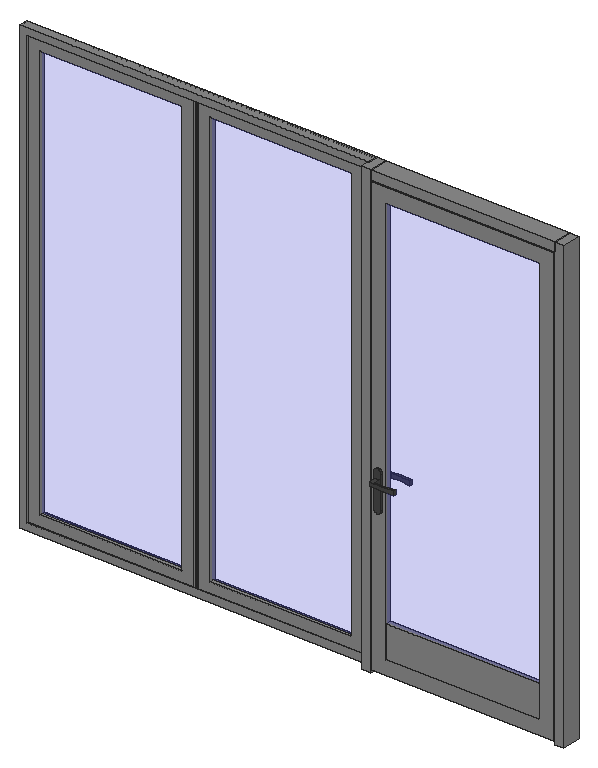
Revit family "Door_Swing Door_The Sliding Door Company_Single Door with Column & Beam_2 Fixed Panel", category Doors, host Wall, Revit 2019
Family settings
  Host = Wall
  OmniClass Number = 23.30.10.00
  OmniClass Title = Doors
  Always vertical = Yes
  Cut with Voids When Loaded = No
  Shared = No
  Room Calculation Point = No
Parameters (values of type "Single Swing Door with 2 Fixed Panel")
  URL = "https://www.slidingdoorco.com"
  Thickness = 1 1/4"  # constant formula
  SD Top Side Gap = 1/4"  # constant formula
  Swing Angle [instance] = 90.00°
  SD Stile/Rail = 3"  # constant formula
  Stile, Rail, Door Stop, Kickplate, Column & Beam Material [instance] = TSDC - Powder Coat Charcoal Gray
  Round Designer Handle Finish [instance] = TSDC - Handle Black
  Push Round Designer Handle 12" = no
  Push Lever Set = yes
  Push Kickplate = yes
  Pull Round Designer Handle 12" = no
  SD Panel Width = Width - 3/8"  # 39 5/8"
  SD Panel Height = Height - 7/8"  # 95 1/8"
  PUSH = not(PULL)  # yes
  PULL = no
  Overall System Width = SD Order Width + Column at Handle Side + Column at Hinge Side + FP Order Width  # 120"
  Overall System Height = SD Order Height + (Beam)  # 98"
  SD Opening Clearance Height = Height - 1" / 2  # 95 1/2"
  SD Opening Clearance Width = Width - 5" / 8 - 1 7/8"  # 37 1/2"
  Model = "Swing Door with Column & Beam + 2 Fixed Panel"  # constant formula
  Maximum Door Panel Width = "40 inches"  # constant formula
  Maximum Door Panel Height = "108 inches"  # constant formula
  Maximum Door Swing = "120 degress"  # constant formula
  Manufacturer = "The Sliding Door Company"  # constant formula
  Pull Lever Set = no
  Pull Kickplate = no
  Lever Handle Finish [instance] = TSDC - Handle Black
  SD Hinge Side Gap = 1/4"  # constant formula
  SD Handle Side Gap = 1/8"  # constant formula
  Glass Material [instance] = TSDC - Clear Glass
  FP Glass Limitation = "Panel Width x System Height cannot exceed 7,400 square inches"  # constant formula
  Function = Interior
  Frame Projection Ext. = 1"
  Frame Projection Int. = 1"
  Frame Width = 3"
  Height = if(SD Order Height > 108 7/8", 108 7/8", SD Order Height)  # 96"
  Wall Closure = By host
  Width = if(SD Order Width > 40 3/8", 40 3/8", SD Order Width)  # 40"
  Fire Rating = "N/A"  # constant formula
  FP Stile/Rail = 3"
  FP Panel Width = (FP Order Width - 2" - 3/32") / 2  # 36 61/64"
  FP Panel Height = FP Order Height - 1 1/2"  # 96 1/2"
  FP Order Width = Finished Opening Width - Width - Column at Handle Side - Column at Hinge Side  # 76"
  FP Order Height = Height + Beam  # 98"
  SD Order Width = 40"
  SD Order Height = 96"
  FP 3" Frame (No Support Dividers) = "Max. H=122 in. Max. W=52 in. panel width"  # constant formula
  FP 1 1/2" Frame (No Support Dividers) = "Max. H=108 in. Max. W=50 in. panel width"  # constant formula
  Finished Opening Width = 120"
  Finished Opening Height = Overall System Height  # 98"
  Description = "Swing Door with Column & Beam + 2 Fixed Panel"  # constant formula
  Contact Information = "https://www.slidingdoorco.com/contact"
  Column at Hinge Side = 2"
  ADA Opening Clearance = "Minimum of 32 inches Opening Clearance"  # constant formula
  SD Bottom Side Gap = 5/8"  # constant formula
  Column at Handle Side = 2"
  Beam = 2"
  Column & Beam Sizes = "Available Only in 2x4 & 4x4 Sizes"  # constant formula
Reference planes (in)
  plane 1 "Center (Front/Back)": y = 0
  plane 2 "Center (Left/Right)": x = 0
  plane 3 "Left": x = -20
  plane 4 "Right": x = 20
  plane 5 "Top": z = 96
  plane 6 "Exterior": y = 3
  plane 7 "Interior": y = -3
  plane 8 "hinge": x = 19.75
  plane 9 "handle": x = -19.875
  plane 10 "top side": z = 95.75
  plane 11 "bottom side": z = 0.625
  plane 12: x = -19.375
  plane 13: x = 18.125
  plane 14: y = 1.75
  plane 15: z = 36
  plane 16: z = 38
  plane 17: z = 10.625
  plane 18: x = -22
  plane 19: x = 22
  plane 20: y = -1
  plane 21: z = 98
  plane 22: x = -98
  plane 23: z = 97.25
  plane 24: z = 0.75
  plane 25: x = -97
  plane 26: x = -23
  plane 27: x = -60
  plane 28: x = -60.046875
  plane 29: x = -59.953125
  plane 30: y = 0.25
Forms (in)
  Extrusion 1, solid, material "TSDC - Powder Coat Charcoal Gray" <- "Stile, Rail, Door Stop, Kickplate, Column & Beam Material", visible <- "PULL"
    sketch origin (0, 0, 0) x (1, 0, 0) y (0, 0, 1)
      loop
        line (19.75, 95.75) -> (-19.875, 95.75) -> (-19.875, 0.625) -> (19.75, 0.625) -> (19.75, 95.75)
      loop
        line (16.75, 92.75) -> (-16.875, 92.75) -> (-16.875, 3.625) -> (16.75, 3.625) -> (16.75, 92.75)
    from -3 to -1.75
  Extrusion 2, solid, material "TSDC - Clear Glass" <- "Glass Material", visible <- "PULL"
    sketch origin (0, 0, 0) x (1, 0, 0) y (0, 0, 1)
      loop
        line (16.75, 92.75) -> (-16.875, 92.75) -> (-16.875, 3.625) -> (16.75, 3.625) -> (16.75, 92.75)
    from -2.5 to -2.2773437
  Sweep 3, solid, not visible
    path origin (0, 0, 0) x (1, 0, 0) y (0, 0, 1)
      loop
        line (-20, 0) -> (-20, 108) -> (16.125, 108) -> (16.125, 0)
    profile origin (-20, 0, 54) x (-1, 0, 0) y (0, -1, 0)
      loop
        line (-0.4350682, -0.2853449) -> (-0.3716442, -0.3219628) -> (-0.3261896, -0.2957196) -> (-0.2788586, -0.3103573) -> (0, -0.3103573) -> (0, 0.9818302) -> (-0.274122, 0.9818302) -> (-0.3244755, 0.9662578) -> (-0.3779955, 0.9923612) -> (-0.4376557, 0.9579164)
        arc (-0.4376557, 0.9579164) -> (-0.4452512, 0.9295695) -> (-0.4169043, 0.921974) r 0.0207514
        line (-0.4169043, 0.921974) -> (-0.3760036, 0.945588) -> (-0.3150881, 0.9104184) -> (-0.2694227, 0.9367833) -> (-0.079, 0.9367833) -> (-0.079, -0.2672636) -> (-0.2694227, -0.2672636) -> (-0.3150881, -0.2408986) -> (-0.3750271, -0.2755044) -> (-0.4157969, -0.2519659)
        arc (-0.4157969, -0.2519659) -> (-0.442122, -0.2590197) -> (-0.4350682, -0.2853449) r 0.0192714
      loop
        arc (-0.3932442, -0.6690036) -> (-0.2465, -0.7110937) -> (-0.0997558, -0.6690036) r 0.2768517
        line (-0.0997558, -0.6690036) -> (-0.0917465, -0.5659293) -> (-0.2465, -0.5190055) -> (-0.4012535, -0.5659293) -> (-0.3932442, -0.6690036)
      loop
        line (-0.3245894, 0.9760109) -> (-0.2695482, 0.9955489) -> (0, 0.9955489) -> (0, 1.0467364) -> (-0.512, 1.0467364) -> (-0.512, -0.4532636) -> (-0.325, -0.4532636) -> (-0.325, -0.4181698) -> (-0.394, -0.4181698) -> (-0.394, -0.3694042) -> (-0.099, -0.3694042) -> (-0.099, -0.4181698) -> (-0.168, -0.4181698) -> (-0.168, -0.4532636) -> (0, -0.4532636) -> (0, -0.3182167) -> (-0.2819282, -0.3182167) -> (-0.3251091, -0.3048624) -> (-0.3657274, -0.3302167) -> (-0.457, -0.3302167) -> (-0.457, 1.0016896) -> (-0.3657275, 1.0016896) -> (-0.3245894, 0.9760109)
      loop
        line (-0.0665, -0.6928078) -> (-0.0546726, -0.5405971) -> (-0.1979034, -0.4971673) -> (-0.1979034, -0.411631) -> (-0.1274176, -0.411631) -> (-0.1274176, -0.3790309) -> (-0.3655824, -0.3790309) -> (-0.3655824, -0.411631) -> (-0.2950966, -0.411631) -> (-0.2950966, -0.4971673) -> (-0.4383274, -0.5405971) -> (-0.4265, -0.6928078)
        arc (-0.4265, -0.6928078) -> (-0.3630851, -0.7351291) -> (-0.2883072, -0.7499888) r 0.1955799
        line (-0.2883072, -0.7499888) -> (-0.2047666, -0.7499888)
        arc (-0.2047666, -0.7499888) -> (-0.1299546, -0.7351296) -> (-0.0665, -0.6928078) r 0.1957584
  Sweep 4, solid, not visible
    path origin (2, 0, 0) x (1, 0, 0) y (0, 0, 1)
      loop
        line (-20, 0) -> (-20, 96) -> (16, 96) -> (16, 0)
    profile origin (-18, 0, 48) x (-1, 0, 0) y (0, -1, 0)
      loop
        line (-0.4350682, -0.2853449) -> (-0.3716442, -0.3219628) -> (-0.3261896, -0.2957196) -> (-0.2788586, -0.3103573) -> (0, -0.3103573) -> (0, 0.9818302) -> (-0.274122, 0.9818302) -> (-0.3244755, 0.9662578) -> (-0.3779955, 0.9923612) -> (-0.4376557, 0.9579164)
        arc (-0.4376557, 0.9579164) -> (-0.4452512, 0.9295695) -> (-0.4169043, 0.921974) r 0.0207514
        line (-0.4169043, 0.921974) -> (-0.3760036, 0.945588) -> (-0.3150881, 0.9104184) -> (-0.2694227, 0.9367833) -> (-0.079, 0.9367833) -> (-0.079, -0.2672636) -> (-0.2694227, -0.2672636) -> (-0.3150881, -0.2408986) -> (-0.3750271, -0.2755044) -> (-0.4157969, -0.2519659)
        arc (-0.4157969, -0.2519659) -> (-0.442122, -0.2590197) -> (-0.4350682, -0.2853449) r 0.0192714
      loop
        arc (-0.3932442, -0.6690036) -> (-0.2465, -0.7110937) -> (-0.0997558, -0.6690036) r 0.2768517
        line (-0.0997558, -0.6690036) -> (-0.0917465, -0.5659293) -> (-0.2465, -0.5190055) -> (-0.4012535, -0.5659293) -> (-0.3932442, -0.6690036)
      loop
        line (-0.3245894, 0.9760109) -> (-0.2695482, 0.9955489) -> (0, 0.9955489) -> (0, 1.0467364) -> (-0.512, 1.0467364) -> (-0.512, -0.4532636) -> (-0.325, -0.4532636) -> (-0.325, -0.4181698) -> (-0.394, -0.4181698) -> (-0.394, -0.3694042) -> (-0.099, -0.3694042) -> (-0.099, -0.4181698) -> (-0.168, -0.4181698) -> (-0.168, -0.4532636) -> (0, -0.4532636) -> (0, -0.3182167) -> (-0.2819282, -0.3182167) -> (-0.3251091, -0.3048624) -> (-0.3657274, -0.3302167) -> (-0.457, -0.3302167) -> (-0.457, 1.0016896) -> (-0.3657275, 1.0016896) -> (-0.3245894, 0.9760109)
      loop
        line (-0.0665, -0.6928078) -> (-0.0546726, -0.5405971) -> (-0.1979034, -0.4971673) -> (-0.1979034, -0.411631) -> (-0.1274176, -0.411631) -> (-0.1274176, -0.3790309) -> (-0.3655824, -0.3790309) -> (-0.3655824, -0.411631) -> (-0.2950966, -0.411631) -> (-0.2950966, -0.4971673) -> (-0.4383274, -0.5405971) -> (-0.4265, -0.6928078)
        arc (-0.4265, -0.6928078) -> (-0.3630851, -0.7351291) -> (-0.2883072, -0.7499888) r 0.1955799
        line (-0.2883072, -0.7499888) -> (-0.2047666, -0.7499888)
        arc (-0.2047666, -0.7499888) -> (-0.1299546, -0.7351296) -> (-0.0665, -0.6928078) r 0.1957584
  Extrusion 5, solid, material "TSDC - Powder Coat Charcoal Gray" <- "Stile, Rail, Door Stop, Kickplate, Column & Beam Material", visible <- "PULL"
    sketch origin (0, 0, 0) x (1, 0, 0) y (0, 0, 1)
      loop
        line (-20, 96) -> (-20, 0) -> (-19.5, 0) -> (-19.5, 95.5) -> (19.5, 95.5) -> (19.5, 0) -> (20, 0) -> (20, 96) -> (-20, 96)
    from -1.75 to 0
  Extrusion 6, solid, not visible
    sketch origin (0, -1.25, 0) x (1, 0, 0) y (0, 1, 0)
      loop
        line (-18.6875, 2.625) -> (-18.6875, 0.8125)
        arc (-18.6875, 0.8125) -> (-18.375, 1.125) -> (-18.0625, 0.8125) r 0.3125
        line (-18.0625, 0.8125) -> (-18.0625, 2.625) -> (-18.6875, 2.625)
    from 1 to 1.75
  Extrusion 7, solid, not visible
    sketch origin (0, -1.25, 0) x (1, 0, 0) y (0, 1, 0)
      loop
        line (-18.6875, 2.625) -> (-18.6875, 0.8125)
        arc (-18.6875, 0.8125) -> (-18.375, 1.125) -> (-18.0625, 0.8125) r 0.3125
        line (-18.0625, 0.8125) -> (-18.0625, 2.625) -> (-18.6875, 2.625)
    from 10.25 to 11
  Extrusion 8, solid, not visible
    sketch origin (0, 0.0841657, 0) x (1, 0, 0) y (0, 1, 0)
      loop
        circle (-18.3735619, -0.521669) r 0.3125
    from 0 to 12
  Extrusion 9, solid, material "TSDC - Powder Coat Charcoal Gray" <- "Stile, Rail, Door Stop, Kickplate, Column & Beam Material", visible <- "Pull Kickplate"
    sketch origin (0, 0, 0) x (1, 0, 0) y (0, 1, 0)
      loop
        line (-16.875, 2.875) -> (-16.875, 1.875) -> (16.75, 1.875) -> (16.75, 2.875) -> (-16.875, 2.875)
    from 3.625 to 10.625
  Extrusion 10, solid, material "TSDC - Powder Coat Charcoal Gray" <- "Stile, Rail, Door Stop, Kickplate, Column & Beam Material"
    sketch origin (0, 0, 0) x (1, 0, 0) y (0, 1, 0)
      loop
        line (-20, 3) -> (-22, 3) -> (-22, -1) -> (-20, -1) -> (-20, 3)
    from 0 to 98
  Extrusion 11, solid, material "TSDC - Powder Coat Charcoal Gray" <- "Stile, Rail, Door Stop, Kickplate, Column & Beam Material"
    sketch origin (0, 0, 0) x (1, 0, 0) y (0, 1, 0)
      loop
        line (22, 3) -> (20, 3) -> (20, -1) -> (22, -1) -> (22, 3)
    from 0 to 98
  Extrusion 12, solid, material "TSDC - Powder Coat Charcoal Gray" <- "Stile, Rail, Door Stop, Kickplate, Column & Beam Material"
    sketch origin (0, 0, 0) x (1, 0, 0) y (0, 0, 1)
      loop
        line (20, 98) -> (-20, 98) -> (-20, 96) -> (20, 96) -> (20, 98)
    from -3 to 1
  Sweep 13, solid, material "TSDC - Powder Coat Charcoal Gray" <- "Stile, Rail, Door Stop, Kickplate, Column & Beam Material"
    path origin (0, 0, 0) x (1, 0, 0) y (0, 0, 1)
      loop
        line (-98, 0) -> (-22, 0) -> (-22, 98) -> (-98, 98) -> (-98, 0)
    profile origin (-98, 0, 49) x (-1, 0, 0) y (0, -1, 0)
      loop
        line (0, -3) -> (0, -1.0248) -> (-1.5, -1.0248) -> (-1.5, -1.3607375) -> (-0.0625, -1.3607375) -> (-0.0625, -2.6888625) -> (-1.5, -2.6888625) -> (-1.5, -3) -> (0, -3)
  Extrusion 14, solid, material "TSDC - Powder Coat Charcoal Gray" <- "Stile, Rail, Door Stop, Kickplate, Column & Beam Material"
    sketch origin (0, 0, 0) x (1, 0, 0) y (0, 0, 1)
      loop
        line (-97, 97.25) -> (-97, 0.75) -> (-60.046875, 0.75) -> (-60.046875, 97.25) -> (-97, 97.25)
      loop
        line (-94, 94.25) -> (-94, 3.75) -> (-63.046875, 3.75) -> (-63.046875, 94.25) -> (-94, 94.25)
    from -2.6498 to -1.3998
  Extrusion 15, solid, material "TSDC - Clear Glass" <- "Glass Material"
    sketch origin (0, 0, 0) x (1, 0, 0) y (0, 0, 1)
      loop
        line (-94, 94.25) -> (-94, 3.75) -> (-63.046875, 3.75) -> (-63.046875, 94.25) -> (-94, 94.25)
    from -2.1498 to -1.8998
  Extrusion 16, solid, material "TSDC - Powder Coat Charcoal Gray" <- "Stile, Rail, Door Stop, Kickplate, Column & Beam Material"
    sketch origin (0, 0, 0) x (1, 0, 0) y (0, 0, 1)
      loop
        line (-59.953125, 97.25) -> (-59.953125, 0.75) -> (-23, 0.75) -> (-23, 97.25) -> (-59.953125, 97.25)
      loop
        line (-56.953125, 94.25) -> (-56.953125, 3.75) -> (-26, 3.75) -> (-26, 94.25) -> (-56.953125, 94.25)
    from -2.6498 to -1.3998
  Extrusion 17, solid, material "TSDC - Clear Glass" <- "Glass Material"
    sketch origin (0, 0, 0) x (1, 0, 0) y (0, 0, 1)
      loop
        line (-56.953125, 94.25) -> (-56.953125, 3.75) -> (-26, 3.75) -> (-26, 94.25) -> (-56.953125, 94.25)
    from -2.1498 to -1.8998
  Extrusion 18, solid, material "TSDC - Powder Coat Charcoal Gray" <- "Stile, Rail, Door Stop, Kickplate, Column & Beam Material"
    sketch origin (0, 0, 0) x (1, 0, 0) y (0, 1, 0)
      loop
        line (-60.4375, 2.6888625) -> (-60.4375, 2.6498) -> (-60.046875, 2.6498) -> (-60.046875, 1.3998) -> (-60.4375, 1.3998) -> (-60.4375, 1.3607375) -> (-59.5625, 1.3607375) -> (-59.5625, 1.3998) -> (-59.953125, 1.3998) -> (-59.953125, 2.6498) -> (-59.5625, 2.6498) -> (-59.5625, 2.6888625) -> (-60.4375, 2.6888625)
    from 1.5 to 96.5
  Extrusion 19, solid, material "TSDC - Powder Coat Charcoal Gray" <- "Stile, Rail, Door Stop, Kickplate, Column & Beam Material", visible <- "PUSH"
    sketch origin (0, 0, 0) x (1, 0, 0) y (0, 0, 1)
      loop
        line (-19.875, 95.75) -> (-19.875, 0.625) -> (19.75, 0.625) -> (19.75, 95.75) -> (-19.875, 95.75)
      loop
        line (-16.875, 92.75) -> (-16.875, 3.625) -> (16.75, 3.625) -> (16.75, 92.75) -> (-16.875, 92.75)
    from -0.25 to 1
  Extrusion 20, solid, material "TSDC - Clear Glass" <- "Glass Material", visible <- "PUSH"
    sketch origin (0, 0, 0) x (1, 0, 0) y (0, 0, 1)
      loop
        line (-16.875, 92.75) -> (-16.875, 3.625) -> (16.75, 3.625) -> (16.75, 92.75) -> (-16.875, 92.75)
    from 0.25 to 0.5
  Extrusion 21, solid, material "TSDC - Powder Coat Charcoal Gray" <- "Stile, Rail, Door Stop, Kickplate, Column & Beam Material", visible <- "PUSH"
    sketch origin (0, 0, 0) x (1, 0, 0) y (0, 0, 1)
      loop
        line (-20, 96) -> (-20, 0) -> (-19.5, 0) -> (-19.5, 95.5) -> (19.5, 95.5) -> (19.5, 0) -> (20, 0) -> (20, 96) -> (-20, 96)
    from -2 to -0.25
  Extrusion 22, solid, material "TSDC - Powder Coat Charcoal Gray" <- "Stile, Rail, Door Stop, Kickplate, Column & Beam Material", visible <- "Push Kickplate"
    sketch origin (0, -2.75, 0) x (1, 0, 0) y (0, 1, 0)
      loop
        line (-16.875, 2.875) -> (-16.875, 1.875) -> (16.75, 1.875) -> (16.75, 2.875) -> (-16.875, 2.875)
    from 3.625 to 10.625
Lines and regions (in)
  Opening 1
    outline origin (-90, -3, 0) x (1, 0, 0) y (0, 0, 1)
      loop
        line (-8, 0) -> (112, 0) -> (112, 98) -> (-8, 98) -> (-8, 0)
  symbolic lines, style "Elevation Swing"
    curve 1: line (-19.875, 0, 95.75) -> (19.75, 0, 48)
    curve 2: line (19.75, 0, 48) -> (-19.875, 0, 0.625)
Text (in)
  text "Exterior" at (-108.9673292, 27.3110449, 0), in view "Ref. Level"
  text "Interior" at (-108.9673292, -25.1436555, 0), in view "Ref. Level"
  text "Exterior" at (0, 40.1514891, 123.0158834), in view "Right"
  text "Interior" at (0, -64.3913889, 123.0158834), in view "Right"
  text "Interior" at (0, -31.0159946, 123.0069277), in view "Left"
  text "Exterior" at (0, 54.5706505, 123.0069277), in view "Left"
Dimensions and locks (in)
  equal spacing: plane 3 "Left", plane 2 "Center (Left/Right)", plane 4 "Right"
  "SD Hinge Side Gap": plane 8 "hinge" to plane 4 "Right"
  "SD Handle Side Gap": plane 3 "Left" to plane 9 "handle"
  "SD Top Side Gap": plane 10 "top side" to plane 5 "Top"
  "SD Bottom Side Gap": level to plane 11 "bottom side"
  "SD Stile/Rail": Extrusion 1 to Extrusion 1  (x4)
  "Height": level to plane 5 "Top"
  locked: Extrusion 1 to Extrusion 1 at 1.25
  "Width": plane 3 "Left" to plane 4 "Right"
  locked: plane 3 "Left" to plane 12 at 0.625
  locked: plane 13 to plane 4 "Right" at 1.875
  locked: plane 14 to plane 6 "Exterior" at 1.25
  Extrusion 5 sketch curve to Extrusion 5 sketch curve = 1/2"  (x3)
  locked: Extrusion 5 to plane 14 at 1.75
  locked: Extrusion 1 to Extrusion 2 at 0.5
  locked: Extrusion 1 to Extrusion 2 at 0.5273438
  equal spacing: level, curve 2, plane 5 "Top"
  locked: Extrusion 1 to nested 2 at 1.5
  locked: Extrusion 1 to nested 3 at 1.5
  locked: plane 15 to level at 36
  locked: Extrusion 1 to nested 6 at 1.5
  locked: Extrusion 1 to nested 7 at 1.5
  locked: plane 16 to level at 38
  locked: plane 17 to plane 11 "bottom side" at 10
  "Column at Handle Side": plane 18 to plane 3 "Left"
  "Column at Hinge Side": plane 4 "Right" to plane 19
  "Beam": plane 5 "Top" to plane 21
  locked: plane 20 to plane 6 "Exterior" at 4
  locked: Sweep 13 to Sweep 13 at 1.9752
  locked: Sweep 13 to Sweep 13 at 1.328125
  "FP Order Height": level to Sweep 13
  locked: plane 22 to plane 25 at 1
  locked: plane 26 to plane 18 at 1
  locked: plane 23 to plane 21 at 0.75
  "Finished Opening Width": plane 22 to plane 19
  equal spacing: plane 22, plane 27, plane 18
  locked: Sweep 13 to Extrusion 14 sketch curve at 0.75
  locked: Extrusion 14 sketch curve to Sweep 13 at 0.75
  "FP Stile/Rail": Extrusion 14 to plane 25
  "FP Stile/Rail": Extrusion 14 to plane 28
  "FP Stile/Rail": plane 23 to Extrusion 14
  "FP Stile/Rail": Extrusion 14 to plane 24
  locked: Extrusion 14 to Extrusion 15 at 0.5  (x2)
  "FP Stile/Rail": Extrusion 16 to plane 29
  "FP Stile/Rail": Extrusion 16 to plane 26
  "FP Stile/Rail": plane 23 to Extrusion 16
  "FP Stile/Rail": Extrusion 16 to plane 24
  locked: Extrusion 16 to Extrusion 17 at 0.5  (x2)
  locked: plane 28 to plane 27 at 0.046875
  locked: plane 27 to plane 29 at 0.046875
  locked: Sweep 13 to Extrusion 14 at 0.3502
  locked: Sweep 13 to Extrusion 14 at 0.375
  locked: Sweep 13 to Extrusion 16 at 0.3502
  locked: Sweep 13 to Extrusion 16 at 0.375
  locked: plane 30 to plane 20 at 1.25
  locked: Extrusion 19 to Extrusion 19 at 1.25
  locked: Extrusion 19 to Extrusion 20 at 0.5  (x2)
  locked: Extrusion 5 to Extrusion 21 sketch curve at 0.5  (x2)
  locked: Extrusion 12 to Extrusion 21 sketch curve at 0.5
  locked: Extrusion 21 to Extrusion 21 at 1.75
  locked: Extrusion 19 to nested 9 at 1.5
  locked: Extrusion 19 to nested 10 at 1.5
  locked: Extrusion 19 to nested 12 at 1.5
  locked: Extrusion 19 to nested 11 at 1.5
  locked: Extrusion 19 to Extrusion 22 at 0.125  (x2)
  aligned and locked: Opening 1 sketch curve to level
  aligned and locked: plane 6 "Exterior" to host wall
  aligned and locked: host wall to plane 7 "Interior"
  aligned and locked: Extrusion 1 sketch curve to plane 10 "top side"
  aligned and locked: plane 8 "hinge" to Extrusion 1 sketch curve
  aligned and locked: plane 11 "bottom side" to Extrusion 1 sketch curve
  aligned and locked: Extrusion 1 sketch curve to plane 9 "handle"
  aligned and locked: Extrusion 2 sketch curve to Extrusion 1  (x4)
  aligned and locked: Extrusion 1 to Extrusion 2  (x2)
  aligned and locked: Extrusion 5 sketch curve to plane 3 "Left"
  aligned and locked: plane 4 "Right" to Extrusion 5 sketch curve
  aligned and locked: plane 5 "Top" to Extrusion 5 sketch curve
  aligned and locked: Extrusion 5 sketch curve to level  (x2)
  aligned and locked: Extrusion 5 to Extrusion 1
  aligned and locked: plane 8 "hinge" to nested 1
  aligned and locked: plane 17 to Extrusion 9
  aligned and locked: Extrusion 9 to Extrusion 1  (x3)
  aligned and locked: Extrusion 1 to plane 6 "Exterior"
  aligned and locked: plane 14 to nested 1
  aligned and locked: plane 6 "Exterior" to nested 7
  aligned and locked: plane 14 to nested 6
  aligned and locked: nested 2 to plane 14
  aligned and locked: Opening 1 sketch curve to plane 21
  aligned and locked: plane 19 to Opening 1 sketch curve
  aligned and locked: host wall to Extrusion 10 sketch curve
  aligned and locked: Extrusion 10 sketch curve to plane 3 "Left"
  aligned and locked: Extrusion 10 sketch curve to plane 20
  aligned and locked: Extrusion 10 sketch curve to plane 18
  aligned and locked: host wall to Extrusion 11 sketch curve  (x2)
  aligned and locked: Extrusion 11 sketch curve to plane 20
  aligned and locked: plane 4 "Right" to Extrusion 11 sketch curve
  aligned and locked: host wall to Extrusion 10
  aligned and locked: host wall to Extrusion 11
  aligned and locked: Extrusion 11 to Extrusion 12 sketch curve
  aligned and locked: Extrusion 12 sketch curve to Extrusion 11
  aligned and locked: Extrusion 12 sketch curve to Extrusion 5  (x2)
  aligned and locked: host wall to Extrusion 12
  aligned and locked: Extrusion 12 to plane 20
  aligned and locked: Opening 1 sketch curve to plane 22
  aligned and locked: Sweep 13 to plane 6 "Exterior"
  aligned and locked: Sweep 13 to plane 21
  aligned and locked: Sweep 13 to level
  aligned and locked: Extrusion 1 to nested 3
  aligned and locked: Extrusion 14 sketch curve to plane 25
  aligned and locked: Extrusion 15 sketch curve to Extrusion 14  (x4)
  aligned and locked: plane 24 to Extrusion 16 sketch curve
  aligned and locked: Extrusion 16 sketch curve to plane 23
  aligned and locked: plane 26 to Extrusion 16 sketch curve
  aligned and locked: Extrusion 17 sketch curve to Extrusion 16  (x4)
  aligned and locked: Extrusion 16 sketch curve to plane 29
  aligned and locked: Sweep 13 to Extrusion 18 sketch curve
  aligned and locked: plane 29 to Extrusion 18 sketch curve
  aligned and locked: plane 28 to Extrusion 18 sketch curve
  aligned and locked: Extrusion 18 sketch curve to Sweep 13
  aligned and locked: Extrusion 18 to Sweep 13  (x2)
  aligned and locked: plane 10 "top side" to Extrusion 19 sketch curve
  aligned and locked: plane 9 "handle" to Extrusion 19 sketch curve
  aligned and locked: Extrusion 19 sketch curve to plane 11 "bottom side"
  aligned and locked: Extrusion 19 sketch curve to plane 8 "hinge"
  aligned and locked: plane 30 to Extrusion 19
  aligned and locked: Extrusion 19 to plane 20
  aligned and locked: Extrusion 20 sketch curve to Extrusion 1  (x4)
  aligned and locked: plane 4 "Right" to Extrusion 21 sketch curve
  aligned and locked: plane 5 "Top" to Extrusion 21 sketch curve
  aligned and locked: plane 3 "Left" to Extrusion 21 sketch curve
  aligned and locked: Extrusion 21 to plane 30
  aligned and locked: nested 8 to plane 30
  aligned and locked: nested 8 to plane 8 "hinge"
  aligned and locked: plane 30 to nested 8
  aligned and locked: plane 30 to nested 10
  aligned and locked: plane 20 to nested 9
  aligned and locked: plane 30 to nested 12
  aligned and locked: plane 20 to nested 11
  aligned and locked: Extrusion 22 to Extrusion 1
  aligned and locked: Extrusion 1 to Extrusion 22
Automatic sketch dimensions
  Sweep 3 sketch curve to profile plane = 0"  (x3)
  profile plane to Sweep 3 sketch curve = 7/128"
  profile plane to Sweep 3 sketch curve = 0.0665"
  profile plane to Sweep 3 sketch curve = 0.079"
  Sweep 3 sketch curve to Sweep 3 sketch curve = 0.03707"  (x2)
  profile plane to Sweep 3 sketch curve = 0.099"
  Sweep 3 sketch curve to Sweep 3 sketch curve = 0.03326"  (x2)
  Sweep 3 sketch curve to Sweep 3 sketch curve = 0.02842"  (x2)
  Sweep 3 sketch curve to Sweep 3 sketch curve = 0.04058"  (x2)
  Sweep 3 sketch curve to Sweep 3 sketch curve = 0.0299"  (x2)
  Sweep 3 sketch curve to Sweep 3 sketch curve = 0.0486"  (x3)
  Sweep 3 sketch curve to Sweep 3 sketch curve = 0.07152"
  Sweep 3 sketch curve to Sweep 3 sketch curve = 0.19042"
  Sweep 3 sketch curve to Sweep 3 sketch curve = 0.00013"
  Sweep 3 sketch curve to Sweep 3 sketch curve = 0.00457"
  Sweep 3 sketch curve to Sweep 3 sketch curve = 0.00944"
  Sweep 3 sketch curve to Sweep 3 sketch curve = 0.00307"
  Sweep 3 sketch curve to Sweep 3 sketch curve = 0.04181"
  Sweep 3 sketch curve to Sweep 3 sketch curve = 0.04567"  (x2)
  Sweep 3 sketch curve to Sweep 3 sketch curve = 0.05035"
  Sweep 3 sketch curve to Sweep 3 sketch curve = 0.00011"
  Sweep 3 sketch curve to Sweep 3 sketch curve = 0.04318"
  Sweep 3 sketch curve to Sweep 3 sketch curve = 0.00108"
  Sweep 3 sketch curve to Sweep 3 sketch curve = 0.04062"
  Sweep 3 sketch curve to Sweep 3 sketch curve = 0.04114"
  Sweep 3 sketch curve to Sweep 3 sketch curve = 0.00592"
  Sweep 3 sketch curve to Sweep 3 sketch curve = 0.00338"
  Sweep 3 sketch curve to Sweep 3 sketch curve = 0.05153"
  Sweep 3 sketch curve to Sweep 3 sketch curve = 0.01227"
  Sweep 3 sketch curve to Sweep 3 sketch curve = 0.10494"
  Sweep 3 sketch curve to Sweep 3 sketch curve = 0.00801"
  Sweep 3 sketch curve to Sweep 3 sketch curve = 0.04077"
  Sweep 3 sketch curve to Sweep 3 sketch curve = 0.0409"
  Sweep 3 sketch curve to Sweep 3 sketch curve = 0.00964"  (x2)
  Sweep 3 sketch curve to Sweep 3 sketch curve = 0.01038"  (x2)
  Sweep 3 sketch curve to Sweep 3 sketch curve = 0.02193"
  Sweep 3 sketch curve to Sweep 3 sketch curve = 0.07367"
  Sweep 3 sketch curve to Sweep 3 sketch curve = 1.16238"
  Sweep 3 sketch curve to Sweep 3 sketch curve = 0.0153"
  Sweep 3 sketch curve to Sweep 3 sketch curve = 0.01669"
  Sweep 3 sketch curve to Sweep 3 sketch curve = 0.02354"
  Sweep 3 sketch curve to Sweep 3 sketch curve = 0.02022"
  Sweep 3 sketch curve to Sweep 3 sketch curve = 0.00914"
  Sweep 3 sketch curve to Sweep 3 sketch curve = 0.04309"
  Sweep 3 sketch curve to Sweep 3 sketch curve = 0.00786"
  Sweep 3 sketch curve to Sweep 3 sketch curve = 0.04646"
  Sweep 3 sketch curve to Sweep 3 sketch curve = 0.04487"
  Sweep 3 sketch curve to Sweep 3 sketch curve = 0.10214"
  Sweep 3 sketch curve to Sweep 3 sketch curve = 0.00963"
  Sweep 3 sketch curve to Sweep 3 sketch curve = 0.0326"  (x2)
  Sweep 3 sketch curve to Sweep 3 sketch curve = 0.00654"  (x2)
  Sweep 3 sketch curve to Sweep 3 sketch curve = 0.02261"
  Sweep 3 sketch curve to Sweep 3 sketch curve = 0.03509"  (x2)
  Sweep 3 sketch curve to Sweep 3 sketch curve = 0.0439"  (x2)
  Sweep 3 sketch curve to Sweep 3 sketch curve = 0.02184"
  Sweep 3 sketch curve to Sweep 3 sketch curve = 0.08733"  (x2)
  Sweep 3 sketch curve to Sweep 3 sketch curve = 0.03522"
  Sweep 3 sketch curve to Sweep 3 sketch curve = 0.0354"
  Sweep 3 sketch curve to Sweep 3 sketch curve = 0.02533"  (x2)
  Sweep 3 sketch curve to Sweep 3 sketch curve = 0.10307"
  Sweep 3 sketch curve to Sweep 3 sketch curve = 0.0238"  (x2)
  Sweep 3 sketch curve to Sweep 3 sketch curve = 0.02636"  (x2)
  Sweep 3 sketch curve to profile plane = 3/4"
  profile plane to Sweep 3 sketch curve = 0.92197"
  Sweep 3 sketch curve to Sweep 3 sketch curve = 0.01797"
  Sweep 3 sketch curve to Sweep 3 sketch curve = 0.02361"
  profile plane to Sweep 3 sketch curve = 0.96626"
  Sweep 3 sketch curve to Sweep 3 sketch curve = 0.00975"
  profile plane to Sweep 3 sketch curve = 0.98183"
  profile plane to Sweep 3 sketch curve = 0.99236"
  profile plane to Sweep 3 sketch curve = 0.99555"
  profile plane to Sweep 3 sketch curve = 1.00169"
  profile plane to Sweep 3 sketch curve = 1.04674"
  Sweep 3 sketch curve to Sweep 3 sketch curve = 36 1/8"
  Sweep 3 sketch curve to Sweep 3 sketch curve = 108"
  Sweep 3 sketch curve to Sweep 3 sketch curve = 0"
  Sweep 4 sketch curve to profile plane = 0"  (x3)
  profile plane to Sweep 4 sketch curve = 7/128"
  profile plane to Sweep 4 sketch curve = 0.0665"
  profile plane to Sweep 4 sketch curve = 0.079"
  Sweep 4 sketch curve to Sweep 4 sketch curve = 0.03707"  (x2)
  profile plane to Sweep 4 sketch curve = 0.099"
  Sweep 4 sketch curve to Sweep 4 sketch curve = 0.03326"  (x2)
  Sweep 4 sketch curve to Sweep 4 sketch curve = 0.02842"  (x2)
  Sweep 4 sketch curve to Sweep 4 sketch curve = 0.04058"  (x2)
  Sweep 4 sketch curve to Sweep 4 sketch curve = 0.0299"  (x2)
  Sweep 4 sketch curve to Sweep 4 sketch curve = 0.0486"  (x3)
  Sweep 4 sketch curve to Sweep 4 sketch curve = 0.07152"
  Sweep 4 sketch curve to Sweep 4 sketch curve = 0.19042"
  Sweep 4 sketch curve to Sweep 4 sketch curve = 0.00013"
  Sweep 4 sketch curve to Sweep 4 sketch curve = 0.00457"
  Sweep 4 sketch curve to Sweep 4 sketch curve = 0.00944"
  Sweep 4 sketch curve to Sweep 4 sketch curve = 0.00307"
  Sweep 4 sketch curve to Sweep 4 sketch curve = 0.04181"
  Sweep 4 sketch curve to Sweep 4 sketch curve = 0.04567"  (x2)
  Sweep 4 sketch curve to Sweep 4 sketch curve = 0.05035"
  Sweep 4 sketch curve to Sweep 4 sketch curve = 0.00011"
  Sweep 4 sketch curve to Sweep 4 sketch curve = 0.04318"
  Sweep 4 sketch curve to Sweep 4 sketch curve = 0.00108"
  Sweep 4 sketch curve to Sweep 4 sketch curve = 0.04062"
  Sweep 4 sketch curve to Sweep 4 sketch curve = 0.04114"
  Sweep 4 sketch curve to Sweep 4 sketch curve = 0.00592"
  Sweep 4 sketch curve to Sweep 4 sketch curve = 0.00338"
  Sweep 4 sketch curve to Sweep 4 sketch curve = 0.05153"
  Sweep 4 sketch curve to Sweep 4 sketch curve = 0.01227"
  Sweep 4 sketch curve to Sweep 4 sketch curve = 0.10494"
  Sweep 4 sketch curve to Sweep 4 sketch curve = 0.00801"
  Sweep 4 sketch curve to Sweep 4 sketch curve = 0.04077"
  Sweep 4 sketch curve to Sweep 4 sketch curve = 0.0409"
  Sweep 4 sketch curve to Sweep 4 sketch curve = 0.00964"  (x2)
  Sweep 4 sketch curve to Sweep 4 sketch curve = 0.01038"  (x2)
  Sweep 4 sketch curve to Sweep 4 sketch curve = 0.02193"
  Sweep 4 sketch curve to Sweep 4 sketch curve = 0.07367"
  Sweep 4 sketch curve to Sweep 4 sketch curve = 1.16238"
  Sweep 4 sketch curve to Sweep 4 sketch curve = 0.0153"
  Sweep 4 sketch curve to Sweep 4 sketch curve = 0.01669"
  Sweep 4 sketch curve to Sweep 4 sketch curve = 0.02354"
  Sweep 4 sketch curve to Sweep 4 sketch curve = 0.02022"
  Sweep 4 sketch curve to Sweep 4 sketch curve = 0.00914"
  Sweep 4 sketch curve to Sweep 4 sketch curve = 0.04309"
  Sweep 4 sketch curve to Sweep 4 sketch curve = 0.00786"
  Sweep 4 sketch curve to Sweep 4 sketch curve = 0.04646"
  Sweep 4 sketch curve to Sweep 4 sketch curve = 0.04487"
  Sweep 4 sketch curve to Sweep 4 sketch curve = 0.10214"
  Sweep 4 sketch curve to Sweep 4 sketch curve = 0.00963"
  Sweep 4 sketch curve to Sweep 4 sketch curve = 0.0326"  (x2)
  Sweep 4 sketch curve to Sweep 4 sketch curve = 0.00654"  (x2)
  Sweep 4 sketch curve to Sweep 4 sketch curve = 0.02261"
  Sweep 4 sketch curve to Sweep 4 sketch curve = 0.03509"  (x2)
  Sweep 4 sketch curve to Sweep 4 sketch curve = 0.0439"  (x2)
  Sweep 4 sketch curve to Sweep 4 sketch curve = 0.02184"
  Sweep 4 sketch curve to Sweep 4 sketch curve = 0.08733"  (x2)
  Sweep 4 sketch curve to Sweep 4 sketch curve = 0.03522"
  Sweep 4 sketch curve to Sweep 4 sketch curve = 0.0354"
  Sweep 4 sketch curve to Sweep 4 sketch curve = 0.02533"  (x2)
  Sweep 4 sketch curve to Sweep 4 sketch curve = 0.10307"
  Sweep 4 sketch curve to Sweep 4 sketch curve = 0.0238"  (x2)
  Sweep 4 sketch curve to Sweep 4 sketch curve = 0.02636"  (x2)
  Sweep 4 sketch curve to profile plane = 3/4"
  profile plane to Sweep 4 sketch curve = 0.92197"
  Sweep 4 sketch curve to Sweep 4 sketch curve = 0.01797"
  Sweep 4 sketch curve to Sweep 4 sketch curve = 0.02361"
  profile plane to Sweep 4 sketch curve = 0.96626"
  Sweep 4 sketch curve to Sweep 4 sketch curve = 0.00975"
  profile plane to Sweep 4 sketch curve = 0.98183"
  profile plane to Sweep 4 sketch curve = 0.99236"
  profile plane to Sweep 4 sketch curve = 0.99555"
  profile plane to Sweep 4 sketch curve = 1.00169"
  profile plane to Sweep 4 sketch curve = 1.04674"
  Sweep 4 sketch curve to Sweep 4 sketch curve = 36"
  Sweep 4 sketch curve to Sweep 4 sketch curve = 96"
  Sweep 4 sketch curve to Sweep 4 sketch curve = 0"
  Extrusion 6 sketch curve to Extrusion 6 sketch curve = 5/16"
  Extrusion 7 sketch curve to Extrusion 7 sketch curve = 5/16"
  Extrusion 6 sketch curve to Extrusion 6 sketch curve = 1 13/16"
  Extrusion 7 sketch curve to Extrusion 7 sketch curve = 1 13/16"
  plane 12 to Extrusion 1 sketch curve = 2 1/2"
  Extrusion 1 sketch curve to plane 13 = 1 3/8"
  plane 24 to Extrusion 1 sketch curve = 2 7/8"
  plane 10 "top side" to Extrusion 1 sketch curve = 3"
  plane 12 to Extrusion 2 sketch curve = 2 1/2"
  curve 2 to plane 9 "handle" = 0"
  curve 1 to plane 9 "handle" = 0"
  curve 2 to plane 8 "hinge" = 0"
  curve 2 to plane 11 "bottom side" = 0"
  curve 1 to plane 10 "top side" = 0"
  Extrusion 9 sketch curve to plane 14 = 1/8"
  plane 12 to Extrusion 9 sketch curve = 2 1/2"
  Extrusion 9 sketch curve to plane 13 = 1 3/8"
  Extrusion 9 sketch curve to host wall = 1/8"
  Sweep 13 sketch curve to plane 21 = 0"
  Sweep 13 sketch curve to plane 22 = 0"
  Sweep 13 sketch curve to level = 0"
  Sweep 13 sketch curve to plane 18 = 0"
  Sweep 13 sketch curve to profile plane = 0"
  profile plane to Sweep 13 sketch curve = 1/16"
  Sweep 13 sketch curve to Sweep 13 sketch curve = 1 7/16"  (x2)
  Sweep 13 sketch curve to plane 1 "Center (Front/Back)" = 3"
  Sweep 13 sketch curve to Sweep 13 sketch curve = 0.31114"
  Sweep 13 sketch curve to Sweep 13 sketch curve = 1 21/64"
  Sweep 13 sketch curve to Sweep 13 sketch curve = 43/128"
  plane 28 to Extrusion 14 sketch curve = 0"
  Extrusion 14 sketch curve to plane 25 = 3"
  plane 10 "top side" to Extrusion 14 sketch curve = 1 1/2"
  plane 28 to Extrusion 14 sketch curve = 3"
  plane 24 to Extrusion 14 sketch curve = 3"
  Extrusion 16 sketch curve to plane 29 = 3"
  plane 10 "top side" to Extrusion 16 sketch curve = 1 1/2"
  plane 26 to Extrusion 16 sketch curve = 3"
  plane 24 to Extrusion 16 sketch curve = 3"
  plane 28 to Extrusion 18 sketch curve = 25/64"  (x2)
  Extrusion 18 sketch curve to plane 29 = 25/64"  (x2)
  Extrusion 18 sketch curve to Extrusion 18 sketch curve = 5/128"  (x3)
  Extrusion 18 sketch curve to Extrusion 18 sketch curve = 0"
  plane 12 to Extrusion 19 sketch curve = 2 1/2"
  Extrusion 19 sketch curve to plane 13 = 1 3/8"
  plane 24 to Extrusion 19 sketch curve = 2 7/8"
  plane 10 "top side" to Extrusion 19 sketch curve = 3"
  Extrusion 21 sketch curve to level = 0"  (x2)
  plane 20 to Extrusion 22 sketch curve = 1/8"
  plane 12 to Extrusion 22 sketch curve = 2 1/2"
  Extrusion 22 sketch curve to plane 13 = 1 3/8"
  Extrusion 22 sketch curve to host wall = 1/8"
  radius of Extrusion 8 sketch curve = 5/16"
Nested families (in)
  nested 1: "SD Single Door Plan Swing" at (19.75, 1.75, 0), Swing Angle <- "Swing Angle", visible <- "PULL", type "SD Single Door Plan Swing"
    with Swing Angle 90.00°, Actual Angle 90.00°, Width 39 5/8"
  nested 2: "Round Designer Handle 12 inches" at (-18.375, -0.375, 30), visible <- "Pull Round Designer Handle 12"", Round Designer Handle Finish <- "Round Designer Handle Finish", type "Round Designer Handle 12 inches"
    with Round Designer Handle Finish TSDC - Handle Black
  nested 3: "Round Designer Handle 12 inches" at (-18.375, 5.125, 30), visible <- "Pull Round Designer Handle 12"", Round Designer Handle Finish <- "Round Designer Handle Finish", type "Round Designer Handle 12 inches"
    with Round Designer Handle Finish TSDC - Handle Black
  nested 4: "Round Designer Handle 12 inches" at (-18.375, -0.75, 30), type "Round Designer Handle 12 inches", not visible
  nested 5: "Round Designer Handle 12 inches" at (-18.375, 4.75, 30), type "Round Designer Handle 12 inches", not visible
  nested 6: "Lever Set" at (-18.375, 1.75, 31.6875), visible <- "Pull Lever Set", Lever Handle Finish <- "Lever Handle Finish", type "Lever Set"
    with Lever Handle Finish TSDC - Handle Black
  nested 7: "Lever Set" at (-18.375, 3, 31.6875), visible <- "Pull Lever Set", Lever Handle Finish <- "Lever Handle Finish", type "Lever Set"
    with Lever Handle Finish TSDC - Handle Black
  nested 8: "SD Single Door Plan Swing" at (19.75, 0.25, 0), Swing Angle <- "Swing Angle", visible <- "PUSH", type "SD Single Door Plan Swing"
    with Swing Angle 90.00°, Actual Angle 90.00°, Width 39 5/8"
  nested 9: "Round Designer Handle 12 inches" at (-18.375, -3.125, 30), visible <- "Push Round Designer Handle 12"", Round Designer Handle Finish <- "Round Designer Handle Finish", type "Round Designer Handle 12 inches"
    with Round Designer Handle Finish TSDC - Handle Black
  nested 10: "Round Designer Handle 12 inches" at (-18.375, 2.375, 30), visible <- "Push Round Designer Handle 12"", Round Designer Handle Finish <- "Round Designer Handle Finish", type "Round Designer Handle 12 inches"
    with Round Designer Handle Finish TSDC - Handle Black
  nested 11: "Lever Set" at (-18.375, -1, 31.6875), visible <- "Push Lever Set", Lever Handle Finish <- "Lever Handle Finish", type "Lever Set"
    with Lever Handle Finish TSDC - Handle Black
  nested 12: "Lever Set" at (-18.375, 0.25, 31.6875), visible <- "Push Lever Set", Lever Handle Finish <- "Lever Handle Finish", type "Lever Set"
    with Lever Handle Finish TSDC - Handle Black
Definition of nested family "Round Designer Handle 12 inches"
  Parameters (values of type "Round Designer Handle 12 inches")
    Round Designer Handle Finish [instance] = none
  Reference planes (in)
    plane 1 "Center (Front/Back)": y = 0
    plane 2: z = 0
    plane 3 "Center (Left/Right)": x = 0
  Forms (in)
    Extrusion 1, solid, material <- "Round Designer Handle Finish"
      sketch origin (0, -2.669818, 0) x (1, 0, 0) y (0, 1, 0)
        loop
          circle (0, 2.982318) r 0.3125
      from 0 to 12
    Extrusion 2, solid, material <- "Round Designer Handle Finish"
      sketch origin (0, 0, 0) x (1, 0, 0) y (0, 0, 1)
        loop
          circle (0, 10.5) r 0.3125
      from -2.125 to -0.3125
    Extrusion 3, solid, material <- "Round Designer Handle Finish"
      sketch origin (0, 0, -9) x (1, 0, 0) y (0, 0, 1)
        loop
          circle (0, 10.5) r 0.3125
      from -2.125 to -0.3125
  Lines and regions (in)
    symbolic lines
      curve 1: line (-0.3125, 0.3125, 0) -> (-0.3125, 2.125, 0)
  Dimensions and locks (in)
    aligned and locked: plane 2 to level
Definition of nested family "Lever Set"
  Parameters (values of type "Lever Set")
    Lever Handle Finish [instance] = none
  Reference planes (in)
    plane 1 "Center (Front/Back)": y = 0
    plane 2: z = 0
    plane 3 "Center (Left/Right)": x = 0
  Forms (in)
    Extrusion 1, solid, material <- "Lever Handle Finish"
      sketch origin (0, 0, 0) x (1, 0, 0) y (0, 0, 1)
        loop
          arc (-0.8125, 0.8125) -> (0, 0) -> (0.8125, 0.8125) r 0.8125
          line (0.8125, 0.8125) -> (0.8125, 7.9375)
          arc (0.8125, 7.9375) -> (0, 8.75) -> (-0.8125, 7.9375) r 0.8125
          line (-0.8125, 7.9375) -> (-0.8125, 0.8125)
      from 0 to 0.25
    Extrusion 2, solid, material <- "Lever Handle Finish"
      sketch origin (0, 0, 0) x (1, 0, 0) y (0, 1, 0)
        loop
          line (-0.4375, -0.25) -> (-0.4375, -1.75)
          arc (-0.4375, -1.75) -> (2.1875, -1.9875054) -> (4.8125, -1.75) r 14.625
          line (4.8125, -1.75) -> (4.8125, -1.375)
          arc (4.8125, -1.375) -> (2.6298277, -1.6064709) -> (0.4375, -1.5) r 14.25
          line (0.4375, -1.5) -> (0.4375, -0.25) -> (-0.4375, -0.25)
      from 5.875 to 6.75
  Dimensions and locks (in)
    aligned and locked: plane 2 to level
Definition of nested family "SD Single Door Plan Swing"
  Parameters (values of type "SD Single Door Plan Swing")
    Width = 39.25099"
    Thickness = 1 1/4"
    Swing Angle [instance] = 45.00°
    Actual Angle [instance] = if(Swing Angle < 1.00°, 1.00°, Swing Angle)  # 45.00°
  Reference planes (in)
    plane 1 "Center (Front/Back)": y = 0
    plane 2: z = 0
    plane 3 "Center (Left/Right)": x = 0
    plane 4: x = -39.2509882
  Lines and regions (in)
    Masking region 1
      outline origin (0, 0, 0) x (1, 0, 0) y (0, 1, 0)
        loop
          line (-28.6385234, 26.8707565) -> (-0.8838835, -0.8838835) -> (0, 0) -> (-27.7546399, 27.7546399) -> (-28.6385234, 26.8707565)
    reference lines
      curve 1: line (0, 0, 0) -> (-27.7546399, 27.7546399, 0)
      curve 2: line (-27.7546399, 27.7546399, 0) -> (-28.6385234, 26.8707565, 0)
      curve 3: line (-28.6385234, 26.8707565, 0) -> (-0.8838835, -0.8838835, 0)
      curve 4: line (-0.8838835, -0.8838835, 0) -> (0, 0, 0)
    symbolic lines
      curve 5: arc (-39.2509882, 0, 0) -> (-36.2631846, 15.0207029, 0) -> (-27.7546399, 27.7546399, 0) r 39.2509882
  Dimensions and locks (in)
    "Width": plane 4 to plane 3 "Center (Left/Right)"
    "Width": curve 1 to curve 1
    "Thickness": curve 1 to curve 3
    "Width": radius of curve 5
    "Actual Angle": angle curve 1 to plane 1 "Center (Front/Back)"
    locked: curve 1 to curve 4 (angle 90.00°)
    locked: curve 4 to curve 3 (angle 90.00°)
    locked: curve 3 to curve 2 (angle 90.00°)
    "Actual Angle": angle curve 5 to curve 5
    aligned and locked: plane 2 to level
    aligned and locked: plane 1 "Center (Front/Back)" to curve 1
    aligned and locked: plane 3 "Center (Left/Right)" to curve 1
    aligned and locked: Masking region 1 sketch curve to curve 3
    aligned and locked: Masking region 1 sketch curve to curve 2
    aligned and locked: Masking region 1 sketch curve to curve 4
    aligned and locked: Masking region 1 sketch curve to curve 1
    aligned and locked: plane 3 "Center (Left/Right)" to curve 5
    aligned and locked: plane 1 "Center (Front/Back)" to curve 5  (x2)
